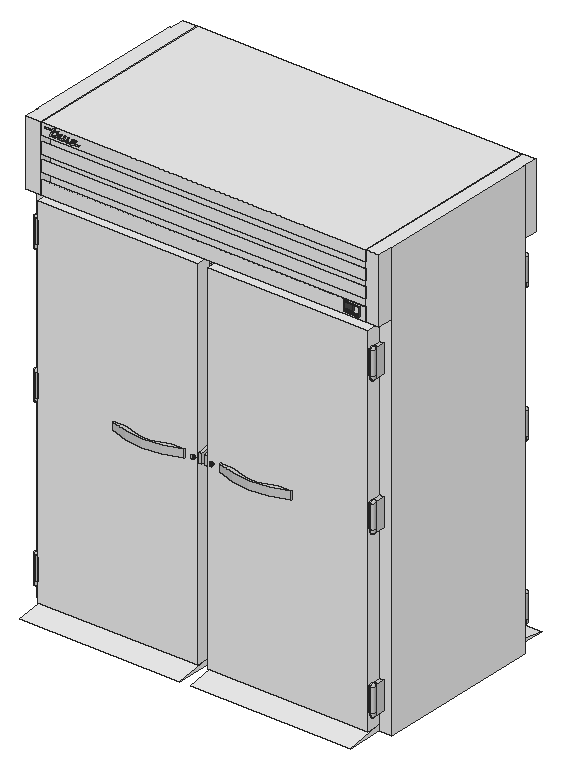
Revit family
Parameters
  Weight in Pounds = 0
  Watts = Volts * FL Amps  # 1092.5 W
  Volts = 115 V
  URL Cutsheet = "www.truemfg.com"
  URL = "www.truemfg.com"
  Type Mark [instance] = ""
  Type Comments = ""
  Status [instance] = ""
  Specification by User [instance] = ""
  Specification by Manufacturer = ""
  Show Logo [instance] = yes
  Show Clearance [instance] = yes
  Serial Number = ""
  Seismic Rating = ""
  SMACNA No = ""
  Revision Code [instance] = ""
  Phase = 1
  Omniclass Number and Title = ""
  Number of Poles [instance] = 1
  NAFEM Spec ID Number = ""
  Model = "STR2RRT-2S-2S"
  Min Ckt Ampacity = 0 A
  Max Overcurrent Protection = 0 A
  Masterspec = ""
  Manufacturer = "TRUE FOOD SERVICE EQUIPMENT, INC."
  Length = 68"
  Item Number [instance] = ""
  Installed By [instance] = ""
  Identify Quantity as Lot [instance] = yes
  Height = 83 3/4"
  HP = "1/2"
  Furnished By [instance] = ""
  Foodservice Equipment Identifier [instance] = yes
  FL Amps = 9.5 A
  Electrical Remarks [instance] = ""
  Electric Connection Type [instance] = ""
  Elec Conn RI Height [instance] = 0"
  Elec Conn Connection Height [instance] = 0"
  Description = "Roll-thru Solid Swing Door Refrigerator"
  Depth = 37 1/2"
  Cycle = 60 Hz
  Conn Plug = "5-15P"
  Conn Conduit = yes
  CSI MasterFormat = ""
  CSI Master Format = ""
  Apparent Power = if(Phase = 3, Volts * FL Amps * 1.73, Volts * FL Amps)  # 1092.5 VA
Reference planes (in)
  plane 1 "BACK": y = 0
  plane 2: z = 0
  plane 3 "LEFT": x = 0
  plane 4 "RIGHT": x = 68
  plane 5 "FRONT": y = -37.5
  plane 6 "TOP": z = 83.75
  plane 7: x = 2.84375
  plane 8: y = -37.4542
  plane 9: x = 34
  plane 10: y = -0.0458
  plane 11: z = 69.90625
Forms (in)
  Extrusion 1, solid, material "QF_Finishes_Chrome - Satin"
    sketch origin (0.05, 0, 0) x (1, 0, 0) y (0, 1, 0)
      loop
        line (-0.05, -2.75) -> (-0.05, -34.75) -> (2.87859, -34.75) -> (2.87859, -2.75) -> (-0.05, -2.75)
    from 0 to 83.75
  Extrusion 2, solid, material "QF_Finishes_Chrome - Satin"
    sketch origin (50.15, 0, 0) x (1, 0, 0) y (0, 1, 0)
      loop
        line (15.15, -2.75) -> (15.15, -34.75) -> (17.85, -34.75) -> (17.85, -2.75) -> (15.15, -2.75)
    from 0 to 83.75
  Extrusion 3, solid, material "QF_Finishes_Chrome - Satin"
    sketch origin (0, 0, 0) x (0, 1, 0) y (0, 0, 1)
      loop
        line (-37.4542, 71.28125) -> (-34.75, 71.28125) -> (-34.75, 68.90625) -> (-2.75, 68.90625) -> (-2.75, 71.28125) -> (-0.0458, 71.28125) -> (-0.0458, 73.94226) -> (-2.25, 72.375) -> (-2.25, 73.65057) -> (-0.0458, 75.21784) -> (-0.0458, 77.31404) -> (-2.25, 75.74678) -> (-2.25, 76.70754) -> (-0.0458, 78.2748) -> (-0.0458, 80.40851) -> (-2.25, 78.84125) -> (-2.25, 79.96352) -> (-0.0458, 81.53078) -> (-0.0458, 83.75) -> (-37.4542, 83.75) -> (-37.4542, 81.53078) -> (-35.25, 79.96352) -> (-35.25, 78.84125) -> (-37.4542, 80.40851) -> (-37.4542, 78.2748) -> (-35.25, 76.70754) -> (-35.25, 75.74678) -> (-37.4542, 77.31404) -> (-37.4542, 75.21784) -> (-35.25, 73.65057) -> (-35.25, 72.375) -> (-37.4542, 73.94226) -> (-37.4542, 71.28125)
      loop
        line (-34.75, 0) -> (-2.75, 0) -> (-2.75, 2) -> (-34.75, 2) -> (-34.75, 0)
    from 2.92859 to 65.3
  Extrusion 4, solid, material "QF_Finishes_Chrome - Satin"
    sketch origin (0, 0, 0) x (1, 0, 0) y (0, 1, 0)
      loop
        line (67.84782, -34.75) -> (65.3, -34.75) -> (65.3, -37.5) -> (67.84782, -37.5) -> (67.84782, -34.75)
      loop
        line (67.84782, -2.75) -> (67.84782, 0) -> (65.3, 0) -> (65.3, -2.75) -> (67.84782, -2.75)
    from 71.28125 to 83.75
  Extrusion 5, solid, material "QF_Finishes_Chrome - Satin"
    sketch origin (-50.125, 0, 0.25) x (1, 0, 0) y (0, 1, 0)
      loop
        line (53.05359, -34.75) -> (50.24109, -34.75) -> (50.24109, -37.5) -> (53.05359, -37.5) -> (53.05359, -34.75)
      loop
        line (53.05359, -2.75) -> (53.05359, 0) -> (50.24109, 0) -> (50.24109, -2.75) -> (53.05359, -2.75)
    from 71.03125 to 83.5
  Extrusion 6, solid, material "QF_Finishes_Handrails and Railings"
    sketch origin (9.34375, -3.83467, -3.5) x (1, 0, 0) y (0, 0, 1)
      loop
        circle (26.4375, 40.0625) r 0.35
      loop
        line (26.47265, 40.33635) -> (26.41715, 40.33635) -> (26.41715, 39.76895) -> (26.47265, 39.76895) -> (26.47265, 40.33635)
    from 33.5 to 33.83066
  Extrusion 7, solid, material "QF_Finishes_Handrails and Railings", visible <- "Show Logo"
    sketch origin (0.33478, -2.68623, 5.13015) x (1, 0, 0) y (0, 0, 1)
      loop
        line (3.46044, 78.08731) -> (3.35478, 77.86073) -> (4.76027, 77.86073)
        arc (4.76027, 77.86073) -> (4.78879, 77.81028) -> (4.76027, 77.75984) r 0.05887
        line (4.76027, 77.75984) -> (4.39369, 76.97372)
        arc (4.39369, 76.97372) -> (4.39051, 76.90091) -> (4.43975, 76.84717) r 0.09523
        line (4.43975, 76.84717) -> (5.33844, 76.84717)
        arc (5.33844, 76.84717) -> (5.45192, 76.88295) -> (5.52436, 76.97735) r 0.19785
        line (5.52436, 76.97735) -> (5.81285, 77.59601) -> (6.0779, 77.59601)
        arc (6.0779, 77.59601) -> (6.14744, 77.57043) -> (6.13737, 77.49703) r 0.05911
        line (6.13737, 77.49703) -> (5.89598, 76.97937)
        arc (5.89598, 76.97937) -> (5.89974, 76.8934) -> (5.97231, 76.84717) r 0.09318
        line (5.97231, 76.84717) -> (6.76198, 76.84717)
        arc (6.76198, 76.84717) -> (6.82249, 76.86919) -> (6.85468, 76.92495) r 0.09412
        arc (6.85468, 76.92495) -> (6.87746, 76.86995) -> (6.93246, 76.84717) r 0.07778
        line (6.93246, 76.84717) -> (7.43246, 76.84717)
        arc (7.43246, 76.84717) -> (7.49022, 76.86265) -> (7.53251, 76.90493) r 0.11552
        arc (7.53251, 76.90493) -> (7.55275, 76.85606) -> (7.60162, 76.83581) r 0.06912
        line (7.60162, 76.83581) -> (8.31225, 76.83581)
        arc (8.31225, 76.83581) -> (8.37034, 76.85988) -> (8.39441, 76.91797) r 0.08216
        arc (8.39441, 76.91797) -> (8.44767, 76.86472) -> (8.52042, 76.84522) r 0.14551
        line (8.52042, 76.84522) -> (9.85158, 76.84522) -> (9.99946, 77.10134) -> (8.65678, 77.10134)
        arc (8.65678, 77.10134) -> (8.61972, 77.12704) -> (8.61834, 77.17211) r 0.05009
        line (8.61834, 77.17211) -> (8.64157, 77.22192)
        arc (8.64157, 77.22192) -> (8.67723, 77.26864) -> (8.73327, 77.28635) r 0.09747
        line (8.73327, 77.28635) -> (9.16485, 77.28635)
        arc (9.16485, 77.28635) -> (9.258, 77.31131) -> (9.32619, 77.3795) r 0.1863
        line (9.32619, 77.3795) -> (9.45119, 77.59601)
        arc (9.45119, 77.59601) -> (9.45119, 77.71157) -> (9.35111, 77.76934) r 0.11556
        line (9.35111, 77.76934) -> (8.89562, 77.76934)
        arc (8.89562, 77.76934) -> (8.7795, 77.74962) -> (8.69849, 77.66412) r 0.18605
        line (8.69849, 77.66412) -> (8.48204, 77.19993)
        arc (8.48204, 77.19993) -> (8.41815, 77.11667) -> (8.31806, 77.08511) r 0.1745
        line (8.31806, 77.08511) -> (7.84559, 77.08511)
        arc (7.84559, 77.08511) -> (7.78903, 77.14684) -> (7.79268, 77.23048) r 0.10939
        line (7.79268, 77.23048) -> (8.04395, 77.76934) -> (7.88403, 77.76934) -> (7.61781, 77.19844)
        arc (7.61781, 77.19844) -> (7.56609, 77.13103) -> (7.48505, 77.10548) r 0.14128
        line (7.48505, 77.10548) -> (7.15925, 77.10548)
        arc (7.15925, 77.10548) -> (7.10419, 77.17723) -> (7.116, 77.26689) r 0.11816
        line (7.116, 77.26689) -> (7.3503, 77.76934) -> (7.18514, 77.76934) -> (6.91546, 77.191)
        arc (6.91546, 77.191) -> (6.85285, 77.12839) -> (6.76733, 77.10548) r 0.17104
        line (6.76733, 77.10548) -> (6.29555, 77.10548)
        arc (6.29555, 77.10548) -> (6.21082, 77.14499) -> (6.20267, 77.23813) r 0.0935
        line (6.20267, 77.23813) -> (6.35774, 77.57069) -> (6.57695, 77.57069)
        arc (6.57695, 77.57069) -> (6.61395, 77.68217) -> (6.69267, 77.76934) r 0.2857
        line (6.69267, 77.76934) -> (5.83605, 77.76934)
        arc (5.83605, 77.76934) -> (5.74086, 77.74824) -> (5.67498, 77.67635) r 0.16212
        line (5.67498, 77.67635) -> (5.44279, 77.17841)
        arc (5.44279, 77.17841) -> (5.3894, 77.12502) -> (5.31647, 77.10548) r 0.14586
        line (5.31647, 77.10548) -> (4.80506, 77.10548)
        arc (4.80506, 77.10548) -> (4.76514, 77.15942) -> (4.77274, 77.22609) r 0.09155
        line (4.77274, 77.22609) -> (5.11018, 77.86073) -> (5.96155, 77.86073) -> (6.06721, 78.08731) -> (5.21584, 78.08731) -> (5.32149, 78.31388) -> (5.01862, 78.31388) -> (4.91297, 78.08731) -> (3.46044, 78.08731)
      loop
        arc (8.83805, 77.56363) -> (8.80119, 77.55375) -> (8.7742, 77.52676) r 0.07373
        line (8.7742, 77.52676) -> (8.75229, 77.45936)
        arc (8.75229, 77.45936) -> (8.76245, 77.43483) -> (8.78699, 77.42466) r 0.0347
        line (8.78699, 77.42466) -> (9.15948, 77.42466)
        arc (9.15948, 77.42466) -> (9.18632, 77.43061) -> (9.20812, 77.44734) r 0.0635
        line (9.20812, 77.44734) -> (9.22624, 77.53122)
        arc (9.22624, 77.53122) -> (9.22091, 77.55368) -> (9.20009, 77.56363) r 0.02676
        line (9.20009, 77.56363) -> (8.83805, 77.56363)
    from 34.76797 to 34.83173
  Extrusion 8, solid, material "QF_Finishes_White"
    sketch origin (-22.74812, -2.7042, -7.90007) x (1, 0, 0) y (0, 0, 1)
      loop
        line (83.81732, 81.35727) -> (83.81732, 79.60996) -> (86.72357, 79.60996) -> (86.72357, 81.35727) -> (83.81732, 81.35727)
    from 34.75 to 34.76797
  Extrusion 9, solid, material "QF_Finishes_Black"
    sketch origin (-22.74812, -2.7042, -7.90007) x (1, 0, 0) y (0, 0, 1)
      loop
        line (86.78607, 81.41977) -> (83.75482, 81.41977) -> (83.75482, 79.54746) -> (86.78607, 79.54746) -> (86.78607, 81.41977)
      loop
        spline (83.95482, 79.87872) -> (83.96333, 79.86254) -> (83.98831, 79.84747) -> (84.02804, 79.83452) -> (84.07982, 79.82459) -> (84.14011, 79.81835) -> (84.20482, 79.81622) -> (84.26952, 79.81835) -> (84.32982, 79.82459) -> (84.38159, 79.83452) -> (84.42132, 79.84747) -> (84.4463, 79.86254) -> (84.45482, 79.87872)
        spline (84.45482, 79.87872) -> (84.4463, 79.89489) -> (84.42132, 79.90997) -> (84.38159, 79.92291) -> (84.32982, 79.93284) -> (84.26952, 79.93909) -> (84.20482, 79.94122) -> (84.14011, 79.93909) -> (84.07982, 79.93284) -> (84.02804, 79.92291) -> (83.98831, 79.90997) -> (83.96333, 79.89489) -> (83.95482, 79.87872)
      loop
        spline (84.65083, 79.87872) -> (84.65935, 79.86254) -> (84.68432, 79.84747) -> (84.72405, 79.83452) -> (84.77583, 79.82459) -> (84.83612, 79.81835) -> (84.90083, 79.81622) -> (84.96553, 79.81835) -> (85.02583, 79.82459) -> (85.07761, 79.83452) -> (85.11734, 79.84747) -> (85.14231, 79.86254) -> (85.15083, 79.87872)
        spline (85.15083, 79.87872) -> (85.14231, 79.89489) -> (85.11734, 79.90997) -> (85.07761, 79.92291) -> (85.02583, 79.93284) -> (84.96553, 79.93909) -> (84.90083, 79.94122) -> (84.83612, 79.93909) -> (84.77583, 79.93284) -> (84.72405, 79.92291) -> (84.68432, 79.90997) -> (84.65935, 79.89489) -> (84.65083, 79.87872)
      loop
        spline (85.40083, 79.87872) -> (85.40935, 79.86254) -> (85.43432, 79.84747) -> (85.47405, 79.83452) -> (85.52583, 79.82459) -> (85.58612, 79.81835) -> (85.65083, 79.81622) -> (85.71553, 79.81835) -> (85.77583, 79.82459) -> (85.82761, 79.83452) -> (85.86734, 79.84747) -> (85.89231, 79.86254) -> (85.90083, 79.87872)
        spline (85.90083, 79.87872) -> (85.89231, 79.89489) -> (85.86734, 79.90997) -> (85.82761, 79.92291) -> (85.77583, 79.93284) -> (85.71553, 79.93909) -> (85.65083, 79.94122) -> (85.58612, 79.93909) -> (85.52583, 79.93284) -> (85.47405, 79.92291) -> (85.43432, 79.90997) -> (85.40935, 79.89489) -> (85.40083, 79.87872)
      loop
        line (83.95481, 81.21978) -> (83.95481, 80.21978) -> (85.65433, 80.21978) -> (85.65433, 81.21978) -> (83.95481, 81.21978)
      loop
        line (86.72357, 81.35727) -> (83.81732, 81.35727) -> (83.81732, 79.60996) -> (86.72357, 79.60996) -> (86.72357, 81.35727)
      loop
        spline (86.15083, 79.87872) -> (86.15935, 79.86254) -> (86.18432, 79.84747) -> (86.22405, 79.83452) -> (86.27583, 79.82459) -> (86.33612, 79.81835) -> (86.40083, 79.81622) -> (86.46553, 79.81835) -> (86.52583, 79.82459) -> (86.57761, 79.83452) -> (86.61734, 79.84747) -> (86.64231, 79.86254) -> (86.65083, 79.87872)
        spline (86.65083, 79.87872) -> (86.64231, 79.89489) -> (86.61734, 79.90997) -> (86.57761, 79.92291) -> (86.52583, 79.93284) -> (86.46553, 79.93909) -> (86.40083, 79.94122) -> (86.33612, 79.93909) -> (86.27583, 79.93284) -> (86.22405, 79.92291) -> (86.18432, 79.90997) -> (86.15935, 79.89489) -> (86.15083, 79.87872)
    from 34.76797 to 34.80335
  Extrusion 10, solid
    sketch origin (-25.125, 0, 0) x (1, 0, 0) y (0, 0, 1)
      loop
        circle (89.875, 81.625) r 0.25
    from 0 to 0.0625
  Blend 11, solid, material "QF_Finishes_Handrails and Railings"
    base sketch origin (60.25, -3.75, -1.5) x (-1, 0, 0) y (0, 0, -1)
      loop
        line (25.25, -38.99169) -> (26, -38.99169) -> (26, -37.24169) -> (25.25, -37.24169) -> (25.25, -38.99169)
    top sketch origin (60.25, 0, -1.5) x (-1, 0, 0) y (0, 0, -1)
      loop
        line (26.18223, -36.6441) -> (25.25, -36.6441) -> (25.25, -39.42643) -> (26.18223, -39.42643) -> (26.18223, -36.6441)
    from 33.57883 to 34.75
  Extrusion 12, solid, material "QF_Finishes_Handrails and Railings"
    sketch origin (66.78125, 0, 2.75) x (0, 1, 0) y (0, 0, -1)
      loop
        line (-34.75, -64.17729) -> (-34.75, -58.86127) -> (-37, -58.86127) -> (-37, -59.57348) -> (-36.56497, -59.57348) -> (-36.56497, -63.97276)
        arc (-36.56497, -63.97276) -> (-36.50506, -64.11738) -> (-36.36044, -64.17729) r 0.20453
        line (-36.36044, -64.17729) -> (-34.75, -64.17729)
    from 0.17506 to 1
  Revolve 13, solid, material "QF_Finishes_Handrails and Railings"
    sketch origin (66.28125, 0, 2.75) x (0, 1, 0) y (0, 0, -1)
      loop
        line (-37.01563, -59.62689) -> (-37.42229, -59.62689) -> (-37.42229, -64.0986)
        arc (-37.42229, -64.0986) -> (-37.28722, -64.35057) -> (-37.01563, -64.43983) r 0.3848
        line (-37.01563, -64.43983) -> (-37.01563, -59.62689)
      loop
        line (-37.01563, -59.57348) -> (-37.01563, -58.67281)
        arc (-37.01563, -58.67281) -> (-37.28264, -58.75883) -> (-37.42229, -59.00212) r 0.38884
        line (-37.42229, -59.00212) -> (-37.42229, -59.57348) -> (-37.01563, -59.57348)
      axis (-37.01563, -58.67281) -> (-37.01563, -64.43983)
    angle from 0 to 360
  Extrusion 14, solid, material "QF_Finishes_Handrails and Railings"
    sketch origin (27.5, -3.82734, 2.7511) x (-1, 0, 0) y (0, 0, -1)
      loop
        line (-38.58509, -64.0986) -> (-38.1875, -64.0986) -> (-38.1875, -59.62579) -> (-38.58509, -59.62579) -> (-38.58509, -64.0986)
    from 32.81497 to 33.59495
  Extrusion 15, solid, material "QF_Finishes_Handrails and Railings"
    sketch origin (66.78125, 0, -24) x (0, 1, 0) y (0, 0, -1)
      loop
        line (-34.75, -64.55229) -> (-34.75, -59.23627) -> (-37, -59.23627) -> (-37, -59.94848) -> (-36.56497, -59.94848) -> (-36.56497, -64.34776)
        arc (-36.56497, -64.34776) -> (-36.50506, -64.49238) -> (-36.36044, -64.55229) r 0.20453
        line (-36.36044, -64.55229) -> (-34.75, -64.55229)
    from 0.17506 to 1
  Revolve 16, solid, material "QF_Finishes_Handrails and Railings"
    sketch origin (66.28125, 0, -24) x (0, 1, 0) y (0, 0, -1)
      loop
        line (-37.01563, -60.00189) -> (-37.42229, -60.00189) -> (-37.42229, -64.4736)
        arc (-37.42229, -64.4736) -> (-37.28722, -64.72557) -> (-37.01563, -64.81483) r 0.3848
        line (-37.01563, -64.81483) -> (-37.01563, -60.00189)
      loop
        line (-37.01563, -59.94848) -> (-37.01563, -59.04781)
        arc (-37.01563, -59.04781) -> (-37.28264, -59.13383) -> (-37.42229, -59.37712) r 0.38884
        line (-37.42229, -59.37712) -> (-37.42229, -59.94848) -> (-37.01563, -59.94848)
      axis (-37.01563, -59.04781) -> (-37.01563, -64.81483)
    angle from 0 to 360
  Extrusion 17, solid, material "QF_Finishes_Handrails and Railings"
    sketch origin (27.5, -3.82734, -23.9989) x (-1, 0, 0) y (0, 0, -1)
      loop
        line (-38.58509, -64.4736) -> (-38.1875, -64.4736) -> (-38.1875, -60.00079) -> (-38.58509, -60.00079) -> (-38.58509, -64.4736)
    from 32.81497 to 33.59495
  Extrusion 18, solid, material "QF_Finishes_Handrails and Railings"
    sketch origin (66.78125, 0, -55.5) x (0, 1, 0) y (0, 0, -1)
      loop
        line (-34.75, -64.55229) -> (-34.75, -59.23627) -> (-37, -59.23627) -> (-37, -59.94848) -> (-36.56497, -59.94848) -> (-36.56497, -64.34776)
        arc (-36.56497, -64.34776) -> (-36.50506, -64.49238) -> (-36.36044, -64.55229) r 0.20453
        line (-36.36044, -64.55229) -> (-34.75, -64.55229)
    from 0.17506 to 1
  Revolve 19, solid, material "QF_Finishes_Handrails and Railings"
    sketch origin (66.28125, 0, -55.5) x (0, 1, 0) y (0, 0, -1)
      loop
        line (-37.01563, -60.00189) -> (-37.42229, -60.00189) -> (-37.42229, -64.4736)
        arc (-37.42229, -64.4736) -> (-37.28722, -64.72557) -> (-37.01563, -64.81483) r 0.3848
        line (-37.01563, -64.81483) -> (-37.01563, -60.00189)
      loop
        line (-37.01563, -59.94848) -> (-37.01563, -59.04781)
        arc (-37.01563, -59.04781) -> (-37.28264, -59.13383) -> (-37.42229, -59.37712) r 0.38884
        line (-37.42229, -59.37712) -> (-37.42229, -59.94848) -> (-37.01563, -59.94848)
      axis (-37.01563, -59.04781) -> (-37.01563, -64.81483)
    angle from 0 to 360
  Extrusion 20, solid, material "QF_Finishes_Handrails and Railings"
    sketch origin (27.5, -3.82734, -55.4989) x (-1, 0, 0) y (0, 0, -1)
      loop
        line (-38.58509, -64.4736) -> (-38.1875, -64.4736) -> (-38.1875, -60.00079) -> (-38.58509, -60.00079) -> (-38.58509, -64.4736)
    from 32.81497 to 33.59495
  Extrusion 21, solid, material "QF_Finishes_Chrome - Satin"
    sketch origin (65.6875, -3.75, 8.03125) x (0, 0, 1) y (0, -1, 0)
      loop
        line (-8.03125, 37.875) -> (-8.03125, 31) -> (-7.03125, 31) -> (-8.03125, 37.875)
    from 0 to -30.6875
  Extrusion 22, solid, material "QF_Finishes_Chrome - Satin"
    sketch origin (59.96875, -3.75, -0.71875) x (-1, 0, 0) y (0, 0, -1)
      loop
        line (26.96875, -1.71875) -> (26.96875, -70.625) -> (57.65625, -70.625) -> (57.65625, -1.71875) -> (26.96875, -1.71875)
      loop
        line (24.96875, -1.71875) -> (-5.71875, -1.71875) -> (-5.71875, -70.625) -> (24.96875, -70.625) -> (24.96875, -1.71875)
    from 31 to 33.75
  Extrusion 23, solid, material "QF_Finishes_Handrails and Railings"
    sketch origin (58.65625, -3.83467, -3.5) x (-1, 0, 0) y (0, 0, -1)
      loop
        circle (26.4375, -40.0625) r 0.35
      loop
        line (26.47265, -40.33635) -> (26.47265, -39.76895) -> (26.41715, -39.76895) -> (26.41715, -40.33635) -> (26.47265, -40.33635)
    from 33.5 to 33.83066
  Blend 24, solid, material "QF_Finishes_Handrails and Railings"
    base sketch origin (7.75, -3.75, -1.5) x (1, 0, 0) y (0, 0, 1)
      loop
        line (25.25, 38.99169) -> (25.25, 37.24169) -> (26, 37.24169) -> (26, 38.99169) -> (25.25, 38.99169)
    top sketch origin (7.75, 0, -1.5) x (1, 0, 0) y (0, 0, 1)
      loop
        line (26.18223, 36.6441) -> (26.18223, 39.42643) -> (25.25, 39.42643) -> (25.25, 36.6441) -> (26.18223, 36.6441)
    from 33.57883 to 34.75
  Extrusion 25, solid, material "QF_Finishes_Handrails and Railings"
    sketch origin (1.21875, 0, 2.75) x (0, 1, 0) y (0, 0, 1)
      loop
        line (-34.75, 64.17729) -> (-36.36044, 64.17729)
        arc (-36.36044, 64.17729) -> (-36.50506, 64.11738) -> (-36.56497, 63.97276) r 0.20453
        line (-36.56497, 63.97276) -> (-36.56497, 59.57348) -> (-37, 59.57348) -> (-37, 58.86127) -> (-34.75, 58.86127) -> (-34.75, 64.17729)
    from 0.17506 to 1
  Revolve 26, solid, material "QF_Finishes_Handrails and Railings"
    sketch origin (1.71875, 0, 2.75) x (0, 1, 0) y (0, 0, 1)
      loop
        line (-37.01563, 59.62689) -> (-37.01563, 64.43983)
        arc (-37.01563, 64.43983) -> (-37.28722, 64.35057) -> (-37.42229, 64.0986) r 0.3848
        line (-37.42229, 64.0986) -> (-37.42229, 59.62689) -> (-37.01563, 59.62689)
      loop
        line (-37.01563, 59.57348) -> (-37.42229, 59.57348) -> (-37.42229, 59.00212)
        arc (-37.42229, 59.00212) -> (-37.28264, 58.75883) -> (-37.01563, 58.67281) r 0.38884
        line (-37.01563, 58.67281) -> (-37.01563, 59.57348)
      axis (-37.01563, 58.67281) -> (-37.01563, 64.43983)
    angle from 0 to 360
  Extrusion 27, solid, material "QF_Finishes_Handrails and Railings"
    sketch origin (40.5, -3.82734, 2.7511) x (1, 0, 0) y (0, 0, 1)
      loop
        line (-38.58509, 64.0986) -> (-38.58509, 59.62579) -> (-38.1875, 59.62579) -> (-38.1875, 64.0986) -> (-38.58509, 64.0986)
    from 32.81497 to 33.59495
  Extrusion 28, solid, material "QF_Finishes_Handrails and Railings"
    sketch origin (1.21875, 0, -24) x (0, 1, 0) y (0, 0, 1)
      loop
        line (-34.75, 64.55229) -> (-36.36044, 64.55229)
        arc (-36.36044, 64.55229) -> (-36.50506, 64.49238) -> (-36.56497, 64.34776) r 0.20453
        line (-36.56497, 64.34776) -> (-36.56497, 59.94848) -> (-37, 59.94848) -> (-37, 59.23627) -> (-34.75, 59.23627) -> (-34.75, 64.55229)
    from 0.17506 to 1
  Revolve 29, solid, material "QF_Finishes_Handrails and Railings"
    sketch origin (1.71875, 0, -24) x (0, 1, 0) y (0, 0, 1)
      loop
        line (-37.01563, 60.00189) -> (-37.01563, 64.81483)
        arc (-37.01563, 64.81483) -> (-37.28722, 64.72557) -> (-37.42229, 64.4736) r 0.3848
        line (-37.42229, 64.4736) -> (-37.42229, 60.00189) -> (-37.01563, 60.00189)
      loop
        line (-37.01563, 59.94848) -> (-37.42229, 59.94848) -> (-37.42229, 59.37712)
        arc (-37.42229, 59.37712) -> (-37.28264, 59.13383) -> (-37.01563, 59.04781) r 0.38884
        line (-37.01563, 59.04781) -> (-37.01563, 59.94848)
      axis (-37.01563, 59.04781) -> (-37.01563, 64.81483)
    angle from 0 to 360
  Extrusion 30, solid, material "QF_Finishes_Handrails and Railings"
    sketch origin (40.5, -3.82734, -23.9989) x (1, 0, 0) y (0, 0, 1)
      loop
        line (-38.58509, 64.4736) -> (-38.58509, 60.00079) -> (-38.1875, 60.00079) -> (-38.1875, 64.4736) -> (-38.58509, 64.4736)
    from 32.81497 to 33.59495
  Extrusion 31, solid, material "QF_Finishes_Handrails and Railings"
    sketch origin (1.21875, 0, -55.5) x (0, 1, 0) y (0, 0, 1)
      loop
        line (-34.75, 64.55229) -> (-36.36044, 64.55229)
        arc (-36.36044, 64.55229) -> (-36.50506, 64.49238) -> (-36.56497, 64.34776) r 0.20453
        line (-36.56497, 64.34776) -> (-36.56497, 59.94848) -> (-37, 59.94848) -> (-37, 59.23627) -> (-34.75, 59.23627) -> (-34.75, 64.55229)
    from 0.17506 to 1
  Revolve 32, solid, material "QF_Finishes_Handrails and Railings"
    sketch origin (1.71875, 0, -55.5) x (0, 1, 0) y (0, 0, 1)
      loop
        line (-37.01563, 60.00189) -> (-37.01563, 64.81483)
        arc (-37.01563, 64.81483) -> (-37.28722, 64.72557) -> (-37.42229, 64.4736) r 0.3848
        line (-37.42229, 64.4736) -> (-37.42229, 60.00189) -> (-37.01563, 60.00189)
      loop
        line (-37.01563, 59.94848) -> (-37.42229, 59.94848) -> (-37.42229, 59.37712)
        arc (-37.42229, 59.37712) -> (-37.28264, 59.13383) -> (-37.01563, 59.04781) r 0.38884
        line (-37.01563, 59.04781) -> (-37.01563, 59.94848)
      axis (-37.01563, 59.04781) -> (-37.01563, 64.81483)
    angle from 0 to 360
  Extrusion 33, solid, material "QF_Finishes_Handrails and Railings"
    sketch origin (40.5, -3.82734, -55.4989) x (1, 0, 0) y (0, 0, 1)
      loop
        line (-38.58509, 64.4736) -> (-38.58509, 60.00079) -> (-38.1875, 60.00079) -> (-38.1875, 64.4736) -> (-38.58509, 64.4736)
    from 32.81497 to 33.59495
  Extrusion 34, solid, material "QF_Finishes_Chrome - Satin"
    sketch origin (2.3125, -3.75, 8.03125) x (0, 0, 1) y (0, 1, 0)
      loop
        line (-8.03125, -37.875) -> (-7.03125, -31) -> (-8.03125, -31) -> (-8.03125, -37.875)
    from 0 to -30.6875
  Extrusion 35, solid, material "QF_Finishes_Door Clearance", visible <- "Show Clearance", detail levels coarse
    sketch origin (32.71875, -3.75, 1) x (0, 1, 0) y (1, 0, 0)
      loop
        line (-33.75, -30.40625) -> (-33.75, 0.28125)
        arc (-33.75, 0.28125) -> (-55.44934, -8.70691) -> (-64.4375, -30.40625) r 30.6875
        line (-64.4375, -30.40625) -> (-33.75, -30.40625)
      loop
        line (-33.75, 32.96875) -> (-64.4375, 32.96875)
        arc (-64.4375, 32.96875) -> (-55.44934, 11.26941) -> (-33.75, 2.28125) r 30.6875
        line (-33.75, 2.28125) -> (-33.75, 32.96875)
    from 0 to -68.90625
  Extrusion 36, solid, material "QF_Finishes_Chrome - Satin"
    sketch origin (8.03125, -33.75, -0.71875) x (1, 0, 0) y (0, 0, -1)
      loop
        line (26.96875, -1.71875) -> (26.96875, -70.625) -> (57.65625, -70.625) -> (57.65625, -1.71875) -> (26.96875, -1.71875)
    from 31 to 33.75
  Extrusion 37, solid, material "QF_Finishes_Handrails and Railings"
    sketch origin (91.34375, -37.25, 24.93519) x (-1, 0, 0) y (0, -1, 0)
      loop
        line (53.875, -37.25) -> (51.475, -37.25)
        arc (51.475, -37.25) -> (47.075, -38.40816) -> (42.675, -37.25) r 8.93715
        line (42.675, -37.25) -> (40.275, -37.25) -> (40.275, -37.45)
        arc (40.275, -37.45) -> (47.075, -38.89405) -> (53.875, -37.45) r 16.7325
        line (53.875, -37.45) -> (53.875, -37.25)
    from 10.87731 to 12.37731
  Extrusion 38, solid, material "QF_Finishes_Handrails and Railings"
    sketch origin (9.34375, -33.66533, -3.5) x (1, 0, 0) y (0, 0, -1)
      loop
        circle (26.4375, -40.0625) r 0.35
      loop
        line (26.47265, -40.33635) -> (26.47265, -39.76895) -> (26.41715, -39.76895) -> (26.41715, -40.33635) -> (26.47265, -40.33635)
    from 33.5 to 33.83066
  Blend 39, solid, material "QF_Finishes_Handrails and Railings"
    base sketch origin (60.25, -33.75, -1.5) x (-1, 0, 0) y (0, 0, 1)
      loop
        line (25.25, 38.99169) -> (25.25, 37.24169) -> (26, 37.24169) -> (26, 38.99169) -> (25.25, 38.99169)
    top sketch origin (60.25, -37.5, -1.5) x (-1, 0, 0) y (0, 0, 1)
      loop
        line (26.18223, 36.6441) -> (26.18223, 39.42643) -> (25.25, 39.42643) -> (25.25, 36.6441) -> (26.18223, 36.6441)
    from 33.57883 to 34.75
  Extrusion 40, solid, material "QF_Finishes_Handrails and Railings"
    sketch origin (66.78125, -37.5, 2.75) x (0, -1, 0) y (0, 0, 1)
      loop
        line (-34.75, 64.17729) -> (-36.36044, 64.17729)
        arc (-36.36044, 64.17729) -> (-36.50506, 64.11738) -> (-36.56497, 63.97276) r 0.20453
        line (-36.56497, 63.97276) -> (-36.56497, 59.57348) -> (-37, 59.57348) -> (-37, 58.86127) -> (-34.75, 58.86127) -> (-34.75, 64.17729)
    from 0.17506 to 1
  Revolve 41, solid, material "QF_Finishes_Handrails and Railings"
    sketch origin (66.28125, -37.5, 2.75) x (0, -1, 0) y (0, 0, 1)
      loop
        line (-37.01563, 59.62689) -> (-37.01563, 64.43983)
        arc (-37.01563, 64.43983) -> (-37.28722, 64.35057) -> (-37.42229, 64.0986) r 0.3848
        line (-37.42229, 64.0986) -> (-37.42229, 59.62689) -> (-37.01563, 59.62689)
      loop
        line (-37.01563, 59.57348) -> (-37.42229, 59.57348) -> (-37.42229, 59.00212)
        arc (-37.42229, 59.00212) -> (-37.28264, 58.75883) -> (-37.01563, 58.67281) r 0.38884
        line (-37.01563, 58.67281) -> (-37.01563, 59.57348)
      axis (-37.01563, 58.67281) -> (-37.01563, 64.43983)
    angle from 0 to 360
  Extrusion 42, solid, material "QF_Finishes_Handrails and Railings"
    sketch origin (27.5, -33.67266, 2.7511) x (-1, 0, 0) y (0, 0, 1)
      loop
        line (-38.58509, 64.0986) -> (-38.58509, 59.62579) -> (-38.1875, 59.62579) -> (-38.1875, 64.0986) -> (-38.58509, 64.0986)
    from 32.81497 to 33.59495
  Extrusion 43, solid, material "QF_Finishes_Handrails and Railings"
    sketch origin (66.78125, -37.5, -24) x (0, -1, 0) y (0, 0, 1)
      loop
        line (-34.75, 64.55229) -> (-36.36044, 64.55229)
        arc (-36.36044, 64.55229) -> (-36.50506, 64.49238) -> (-36.56497, 64.34776) r 0.20453
        line (-36.56497, 64.34776) -> (-36.56497, 59.94848) -> (-37, 59.94848) -> (-37, 59.23627) -> (-34.75, 59.23627) -> (-34.75, 64.55229)
    from 0.17506 to 1
  Revolve 44, solid, material "QF_Finishes_Handrails and Railings"
    sketch origin (66.28125, -37.5, -24) x (0, -1, 0) y (0, 0, 1)
      loop
        line (-37.01563, 60.00189) -> (-37.01563, 64.81483)
        arc (-37.01563, 64.81483) -> (-37.28722, 64.72557) -> (-37.42229, 64.4736) r 0.3848
        line (-37.42229, 64.4736) -> (-37.42229, 60.00189) -> (-37.01563, 60.00189)
      loop
        line (-37.01563, 59.94848) -> (-37.42229, 59.94848) -> (-37.42229, 59.37712)
        arc (-37.42229, 59.37712) -> (-37.28264, 59.13383) -> (-37.01563, 59.04781) r 0.38884
        line (-37.01563, 59.04781) -> (-37.01563, 59.94848)
      axis (-37.01563, 59.04781) -> (-37.01563, 64.81483)
    angle from 0 to 360
  Extrusion 45, solid, material "QF_Finishes_Handrails and Railings"
    sketch origin (27.5, -33.67266, -23.9989) x (-1, 0, 0) y (0, 0, 1)
      loop
        line (-38.58509, 64.4736) -> (-38.58509, 60.00079) -> (-38.1875, 60.00079) -> (-38.1875, 64.4736) -> (-38.58509, 64.4736)
    from 32.81497 to 33.59495
  Extrusion 46, solid, material "QF_Finishes_Handrails and Railings"
    sketch origin (66.78125, -37.5, -55.5) x (0, -1, 0) y (0, 0, 1)
      loop
        line (-34.75, 64.55229) -> (-36.36044, 64.55229)
        arc (-36.36044, 64.55229) -> (-36.50506, 64.49238) -> (-36.56497, 64.34776) r 0.20453
        line (-36.56497, 64.34776) -> (-36.56497, 59.94848) -> (-37, 59.94848) -> (-37, 59.23627) -> (-34.75, 59.23627) -> (-34.75, 64.55229)
    from 0.17506 to 1
  Revolve 47, solid, material "QF_Finishes_Handrails and Railings"
    sketch origin (66.28125, -37.5, -55.5) x (0, -1, 0) y (0, 0, 1)
      loop
        line (-37.01563, 60.00189) -> (-37.01563, 64.81483)
        arc (-37.01563, 64.81483) -> (-37.28722, 64.72557) -> (-37.42229, 64.4736) r 0.3848
        line (-37.42229, 64.4736) -> (-37.42229, 60.00189) -> (-37.01563, 60.00189)
      loop
        line (-37.01563, 59.94848) -> (-37.42229, 59.94848) -> (-37.42229, 59.37712)
        arc (-37.42229, 59.37712) -> (-37.28264, 59.13383) -> (-37.01563, 59.04781) r 0.38884
        line (-37.01563, 59.04781) -> (-37.01563, 59.94848)
      axis (-37.01563, 59.04781) -> (-37.01563, 64.81483)
    angle from 0 to 360
  Extrusion 48, solid, material "QF_Finishes_Handrails and Railings"
    sketch origin (27.5, -33.67266, -55.4989) x (-1, 0, 0) y (0, 0, 1)
      loop
        line (-38.58509, 64.4736) -> (-38.58509, 60.00079) -> (-38.1875, 60.00079) -> (-38.1875, 64.4736) -> (-38.58509, 64.4736)
    from 32.81497 to 33.59495
  Extrusion 49, solid, material "QF_Finishes_Chrome - Satin"
    sketch origin (65.6875, -33.75, 8.03125) x (0, 0, 1) y (0, -1, 0)
      loop
        line (-8.03125, -37.875) -> (-7.03125, -31) -> (-8.03125, -31) -> (-8.03125, -37.875)
    from 0 to -30.6875
  Extrusion 50, solid, material "QF_Finishes_Chrome - Satin"
    sketch origin (59.96875, -33.75, -0.71875) x (-1, 0, 0) y (0, 0, 1)
      loop
        line (26.96875, 1.71875) -> (57.65625, 1.71875) -> (57.65625, 70.625) -> (26.96875, 70.625) -> (26.96875, 1.71875)
    from 31 to 33.75
  Extrusion 51, solid, material "QF_Finishes_Handrails and Railings"
    sketch origin (-23.34375, -37.25, 24.93519) x (-1, 0, 0) y (0, -1, 0)
      loop
        line (-53.875, -37.25) -> (-53.875, -37.45)
        arc (-53.875, -37.45) -> (-47.075, -38.89405) -> (-40.275, -37.45) r 16.7325
        line (-40.275, -37.45) -> (-40.275, -37.25) -> (-42.675, -37.25)
        arc (-42.675, -37.25) -> (-47.075, -38.40816) -> (-51.475, -37.25) r 8.93715
        line (-51.475, -37.25) -> (-53.875, -37.25)
    from 10.87731 to 12.37731
  Extrusion 52, solid, material "QF_Finishes_Handrails and Railings"
    sketch origin (58.65625, -33.66533, -3.5) x (-1, 0, 0) y (0, 0, 1)
      loop
        circle (26.4375, 40.0625) r 0.35
      loop
        line (26.47265, 40.33635) -> (26.41715, 40.33635) -> (26.41715, 39.76895) -> (26.47265, 39.76895) -> (26.47265, 40.33635)
    from 33.5 to 33.83066
  Blend 53, solid, material "QF_Finishes_Handrails and Railings"
    base sketch origin (7.75, -33.75, -1.5) x (1, 0, 0) y (0, 0, -1)
      loop
        line (25.25, -38.99169) -> (26, -38.99169) -> (26, -37.24169) -> (25.25, -37.24169) -> (25.25, -38.99169)
    top sketch origin (7.75, -37.5, -1.5) x (1, 0, 0) y (0, 0, -1)
      loop
        line (26.18223, -36.6441) -> (25.25, -36.6441) -> (25.25, -39.42643) -> (26.18223, -39.42643) -> (26.18223, -36.6441)
    from 33.57883 to 34.75
  Extrusion 54, solid, material "QF_Finishes_Handrails and Railings"
    sketch origin (1.21875, -37.5, 2.75) x (0, -1, 0) y (0, 0, -1)
      loop
        line (-34.75, -64.17729) -> (-34.75, -58.86127) -> (-37, -58.86127) -> (-37, -59.57348) -> (-36.56497, -59.57348) -> (-36.56497, -63.97276)
        arc (-36.56497, -63.97276) -> (-36.50506, -64.11738) -> (-36.36044, -64.17729) r 0.20453
        line (-36.36044, -64.17729) -> (-34.75, -64.17729)
    from 0.17506 to 1
  Revolve 55, solid, material "QF_Finishes_Handrails and Railings"
    sketch origin (1.71875, -37.5, 2.75) x (0, -1, 0) y (0, 0, -1)
      loop
        line (-37.01563, -59.62689) -> (-37.42229, -59.62689) -> (-37.42229, -64.0986)
        arc (-37.42229, -64.0986) -> (-37.28722, -64.35057) -> (-37.01563, -64.43983) r 0.3848
        line (-37.01563, -64.43983) -> (-37.01563, -59.62689)
      loop
        line (-37.01563, -59.57348) -> (-37.01563, -58.67281)
        arc (-37.01563, -58.67281) -> (-37.28264, -58.75883) -> (-37.42229, -59.00212) r 0.38884
        line (-37.42229, -59.00212) -> (-37.42229, -59.57348) -> (-37.01563, -59.57348)
      axis (-37.01563, -58.67281) -> (-37.01563, -64.43983)
    angle from 0 to 360
  Extrusion 56, solid, material "QF_Finishes_Handrails and Railings"
    sketch origin (40.5, -33.67266, 2.7511) x (1, 0, 0) y (0, 0, -1)
      loop
        line (-38.58509, -64.0986) -> (-38.1875, -64.0986) -> (-38.1875, -59.62579) -> (-38.58509, -59.62579) -> (-38.58509, -64.0986)
    from 32.81497 to 33.59495
  Extrusion 57, solid, material "QF_Finishes_Handrails and Railings"
    sketch origin (1.21875, -37.5, -24) x (0, -1, 0) y (0, 0, -1)
      loop
        line (-34.75, -64.55229) -> (-34.75, -59.23627) -> (-37, -59.23627) -> (-37, -59.94848) -> (-36.56497, -59.94848) -> (-36.56497, -64.34776)
        arc (-36.56497, -64.34776) -> (-36.50506, -64.49238) -> (-36.36044, -64.55229) r 0.20453
        line (-36.36044, -64.55229) -> (-34.75, -64.55229)
    from 0.17506 to 1
  Revolve 58, solid, material "QF_Finishes_Handrails and Railings"
    sketch origin (1.71875, -37.5, -24) x (0, -1, 0) y (0, 0, -1)
      loop
        line (-37.01563, -60.00189) -> (-37.42229, -60.00189) -> (-37.42229, -64.4736)
        arc (-37.42229, -64.4736) -> (-37.28722, -64.72557) -> (-37.01563, -64.81483) r 0.3848
        line (-37.01563, -64.81483) -> (-37.01563, -60.00189)
      loop
        line (-37.01563, -59.94848) -> (-37.01563, -59.04781)
        arc (-37.01563, -59.04781) -> (-37.28264, -59.13383) -> (-37.42229, -59.37712) r 0.38884
        line (-37.42229, -59.37712) -> (-37.42229, -59.94848) -> (-37.01563, -59.94848)
      axis (-37.01563, -59.04781) -> (-37.01563, -64.81483)
    angle from 0 to 360
  Extrusion 59, solid, material "QF_Finishes_Handrails and Railings"
    sketch origin (40.5, -33.67266, -23.9989) x (1, 0, 0) y (0, 0, -1)
      loop
        line (-38.58509, -64.4736) -> (-38.1875, -64.4736) -> (-38.1875, -60.00079) -> (-38.58509, -60.00079) -> (-38.58509, -64.4736)
    from 32.81497 to 33.59495
  Extrusion 60, solid, material "QF_Finishes_Handrails and Railings"
    sketch origin (1.21875, -37.5, -55.5) x (0, -1, 0) y (0, 0, -1)
      loop
        line (-34.75, -64.55229) -> (-34.75, -59.23627) -> (-37, -59.23627) -> (-37, -59.94848) -> (-36.56497, -59.94848) -> (-36.56497, -64.34776)
        arc (-36.56497, -64.34776) -> (-36.50506, -64.49238) -> (-36.36044, -64.55229) r 0.20453
        line (-36.36044, -64.55229) -> (-34.75, -64.55229)
    from 0.17506 to 1
  Revolve 61, solid, material "QF_Finishes_Handrails and Railings"
    sketch origin (1.71875, -37.5, -55.5) x (0, -1, 0) y (0, 0, -1)
      loop
        line (-37.01563, -60.00189) -> (-37.42229, -60.00189) -> (-37.42229, -64.4736)
        arc (-37.42229, -64.4736) -> (-37.28722, -64.72557) -> (-37.01563, -64.81483) r 0.3848
        line (-37.01563, -64.81483) -> (-37.01563, -60.00189)
      loop
        line (-37.01563, -59.94848) -> (-37.01563, -59.04781)
        arc (-37.01563, -59.04781) -> (-37.28264, -59.13383) -> (-37.42229, -59.37712) r 0.38884
        line (-37.42229, -59.37712) -> (-37.42229, -59.94848) -> (-37.01563, -59.94848)
      axis (-37.01563, -59.04781) -> (-37.01563, -64.81483)
    angle from 0 to 360
  Extrusion 62, solid, material "QF_Finishes_Handrails and Railings"
    sketch origin (40.5, -33.67266, -55.4989) x (1, 0, 0) y (0, 0, -1)
      loop
        line (-38.58509, -64.4736) -> (-38.1875, -64.4736) -> (-38.1875, -60.00079) -> (-38.58509, -60.00079) -> (-38.58509, -64.4736)
    from 32.81497 to 33.59495
  Extrusion 63, solid, material "QF_Finishes_Chrome - Satin"
    sketch origin (2.3125, -33.75, 8.03125) x (0, 0, 1) y (0, 1, 0)
      loop
        line (-8.03125, 37.875) -> (-8.03125, 31) -> (-7.03125, 31) -> (-8.03125, 37.875)
    from 0 to -30.6875
  Extrusion 64, solid, material "QF_Finishes_Door Clearance", visible <- "Show Clearance", detail levels coarse
    sketch origin (32.71875, -33.75, 1) x (0, 1, 0) y (1, 0, 0)
      loop
        line (33.75, -30.40625) -> (64.4375, -30.40625)
        arc (64.4375, -30.40625) -> (55.44934, -8.70691) -> (33.75, 0.28125) r 30.6875
        line (33.75, 0.28125) -> (33.75, -30.40625)
      loop
        line (33.75, 32.96875) -> (33.75, 2.28125)
        arc (33.75, 2.28125) -> (55.44934, 11.26941) -> (64.4375, 32.96875) r 30.6875
        line (64.4375, 32.96875) -> (33.75, 32.96875)
    from 0 to -68.90625
  Extrusion 65, solid, material "QF_Finishes_Chrome - Satin"
    sketch origin (0, -37.5, 2) x (0, 1, 0) y (-1, 0, 0)
      loop
        line (3.75, -32) -> (2.75, -32) -> (2.75, -36) -> (3.75, -36) -> (3.75, -32)
      loop
        line (33.75, -32) -> (33.75, -36) -> (34.75, -36) -> (34.75, -32) -> (33.75, -32)
    from 0 to 66.90625
  Extrusion 66, solid, material "QF_Finishes_Handrails and Railings"
    sketch origin (91.34375, -0.25, 24.93519) x (1, 0, 0) y (0, 1, 0)
      loop
        line (-53.875, -37.25) -> (-53.875, -37.45)
        arc (-53.875, -37.45) -> (-47.075, -38.89405) -> (-40.275, -37.45) r 16.7325
        line (-40.275, -37.45) -> (-40.275, -37.25) -> (-42.675, -37.25)
        arc (-42.675, -37.25) -> (-47.075, -38.40816) -> (-51.475, -37.25) r 8.93715
        line (-51.475, -37.25) -> (-53.875, -37.25)
    from 10.87731 to 12.37731
  Extrusion 67, solid, material "QF_Finishes_Handrails and Railings"
    sketch origin (-23.34375, -0.25, 24.93519) x (1, 0, 0) y (0, 1, 0)
      loop
        line (53.875, -37.25) -> (51.475, -37.25)
        arc (51.475, -37.25) -> (47.075, -38.40816) -> (42.675, -37.25) r 8.93715
        line (42.675, -37.25) -> (40.275, -37.25) -> (40.275, -37.45)
        arc (40.275, -37.45) -> (47.075, -38.89405) -> (53.875, -37.45) r 16.7325
        line (53.875, -37.45) -> (53.875, -37.25)
    from 10.87731 to 12.37731
Cuts and joins
  joined: Extrusion 1, Extrusion 2, Extrusion 4, Extrusion 5
Lines and regions (in)
  symbolic lines
    curve 1: line (0, 0, 0) -> (68, 0, 0)
    curve 2: line (0, -37.5, 0) -> (0, 0, 0)
    curve 3: line (68, -37.5, 0) -> (0, -37.5, 0)
    curve 4: line (68, 0, 0) -> (68, -37.5, 0)
    curve 5: line (68, -35.25, 0) -> (0, -35.25, 0)
    curve 10: arc (28.13125, 0, 0) -> (23.73125, 1.15816, 0) -> (19.33125, 0, 0) r 8.93715
    curve 11: arc (16.93125, 0.2, 0) -> (23.73125, 1.64405, 0) -> (30.53125, 0.2, 0) r 16.7325
    curve 12: line (16.93125, 0, 0) -> (16.93125, 0.2, 0)
    curve 13: line (30.53125, 0.2, 0) -> (30.53125, 0, 0)
    curve 14: arc (48.66875, 0, 0) -> (44.26875, 1.15816, 0) -> (39.86875, 0, 0) r 8.93715
    curve 15: arc (37.46875, 0.2, 0) -> (44.26875, 1.64405, 0) -> (51.06875, 0.2, 0) r 16.7325
    curve 16: line (37.46875, 0, 0) -> (37.46875, 0.2, 0)
    curve 17: line (51.06875, 0.2, 0) -> (51.06875, 0, 0)
    curve 22: line (68, -2.25, 0) -> (0, -2.25, 0)
    curve 23: arc (28.13125, -37.5, 0) -> (23.73125, -38.65816, 0) -> (19.33125, -37.5, 0) r 8.93715
    curve 24: arc (16.93125, -37.7, 0) -> (23.73125, -39.14405, 0) -> (30.53125, -37.7, 0) r 16.7325
    curve 25: line (16.93125, -37.5, 0) -> (16.93125, -37.7, 0)
    curve 26: line (30.53125, -37.7, 0) -> (30.53125, -37.5, 0)
    curve 27: arc (48.66875, -37.5, 0) -> (44.26875, -38.65816, 0) -> (39.86875, -37.5, 0) r 8.93715
    curve 28: arc (37.46875, -37.7, 0) -> (44.26875, -39.14405, 0) -> (51.06875, -37.7, 0) r 16.7325
    curve 29: line (37.46875, -37.5, 0) -> (37.46875, -37.7, 0)
    curve 30: line (51.06875, -37.7, 0) -> (51.06875, -37.5, 0)
  symbolic lines, style "QF_Door Swings", visible <- "Show Clearance", detail levels coarse
    curve 6: line (2.3125, -37.5, 0) -> (2.3125, -68.1875, 0)
    curve 7: arc (33, -37.5, 0) -> (24.01184, -59.19934, 0) -> (2.3125, -68.1875, 0) r 30.6875
    curve 8: arc (65.6875, -68.1875, 0) -> (43.98816, -59.19934, 0) -> (35, -37.5, 0) r 30.6875
    curve 9: line (65.6875, -68.1875, 0) -> (65.6875, -37.5, 0)
    curve 18: line (2.3125, 0, 0) -> (2.3125, 30.6875, 0)
    curve 19: arc (33, 0, 0) -> (24.01184, 21.69934, 0) -> (2.3125, 30.6875, 0) r 30.6875
    curve 20: arc (65.6875, 30.6875, 0) -> (43.98816, 21.69934, 0) -> (35, 0, 0) r 30.6875
    curve 21: line (65.6875, 30.6875, 0) -> (65.6875, 0, 0)
Dimensions and locks (in)
  "Depth": plane 5 "FRONT" to plane 1 "BACK"
  plane 6 "TOP" to level = 83 3/4"  (x2)
  "Length": plane 3 "LEFT" to plane 4 "RIGHT"
  plane 4 "RIGHT" to plane 3 "LEFT" = 68"
  equal spacing: plane 3 "LEFT", plane 9, plane 4 "RIGHT"
  Extrusion 36 sketch curve to Extrusion 36 sketch curve = 30 11/16"
  Extrusion 50 sketch curve to Extrusion 50 sketch curve = 30 11/16"
  plane 11 to level = 69 29/32"
  aligned and locked: level to plane 2
Automatic sketch dimensions
  plane 1 "BACK" to curve 1 = 0"
  curve 1 to plane 3 "LEFT" = 0"
  plane 5 "FRONT" to curve 6 = 0"
  curve 4 to plane 4 "RIGHT" = 0"
  curve 19 to plane 7 = 17/32"
  curve 6 to plane 7 = 17/32"
  plane 5 "FRONT" to curve 25 = 0.2"
  plane 7 to curve 25 = 14.0875"
  curve 12 to plane 1 "BACK" = 0.2"
  plane 7 to curve 12 = 14.0875"
  curve 25 to curve 23 = 2.4"
  curve 12 to curve 10 = 2.4"
  plane 9 to curve 11 = 10.26875"
  curve 10 to curve 11 = 0"
  curve 24 to curve 11 = 0"
  curve 23 to curve 24 = 0"
  curve 10 to curve 13 = 2.4"
  curve 23 to curve 26 = 2.4"
  plane 9 to curve 19 = 1"
  plane 9 to curve 7 = 1"
  curve 20 to plane 9 = 1"
  curve 8 to plane 9 = 1"
  curve 16 to plane 1 "BACK" = 0.2"
  curve 20 to curve 16 = 2 15/32"
  plane 5 "FRONT" to curve 28 = 0.2"  (x2)
  curve 8 to curve 28 = 2 15/32"
  curve 16 to curve 14 = 2.4"
  curve 29 to curve 27 = 2.4"
  curve 15 to plane 9 = 10.26875"
  curve 28 to curve 15 = 0"
  curve 14 to curve 15 = 0"
  curve 27 to curve 28 = 0"
  curve 17 to plane 1 "BACK" = 0.2"
  curve 9 to plane 4 "RIGHT" = 2 5/16"
  curve 20 to curve 1 = 2 5/16"
  curve 5 to plane 5 "FRONT" = 2 1/4"
  curve 23 to plane 5 "FRONT" = 7.77899"
  curve 27 to plane 5 "FRONT" = 7.77899"
  curve 27 to curve 28 = 7.30945"
  curve 23 to curve 24 = 7.30945"
  curve 24 to curve 11 = 7.32312"
  curve 28 to curve 15 = 7.32312"
  curve 15 to curve 14 = 7.30945"
  curve 11 to curve 10 = 7.30945"
  plane 1 "BACK" to curve 22 = 2 1/4"
  Extrusion 1 sketch curve to plane 3 "LEFT" = 0"
  plane 7 to Extrusion 1 sketch curve = 0.08484"
  Extrusion 1 sketch curve to plane 5 "FRONT" = 2 3/4"
  plane 1 "BACK" to Extrusion 1 sketch curve = 2 3/4"
  Extrusion 2 sketch curve to plane 4 "RIGHT" = 0"
  Extrusion 2 sketch curve to plane 4 "RIGHT" = 2.7"
  Extrusion 2 sketch curve to plane 5 "FRONT" = 2 3/4"
  plane 1 "BACK" to Extrusion 2 sketch curve = 2 3/4"
  Extrusion 3 sketch curve to plane 8 = 0"  (x4)
  Extrusion 3 sketch curve to level = 0"
  Extrusion 3 sketch curve to plane 10 = 0"  (x4)
  Extrusion 3 sketch curve to plane 6 "TOP" = 0"
  plane 8 to Extrusion 3 sketch curve = 2.2042"
  Extrusion 3 sketch curve to Extrusion 3 sketch curve = 0"  (x3)
  Extrusion 3 sketch curve to plane 11 = 1"
  plane 8 to Extrusion 3 sketch curve = 2.7042"  (x2)
  Extrusion 3 sketch curve to Extrusion 3 sketch curve = 2.7042"
  plane 10 to Extrusion 3 sketch curve = 2.7042"
  plane 10 to Extrusion 3 sketch curve = 2.2042"  (x2)
  Extrusion 3 sketch curve to Extrusion 3 sketch curve = 2"
  plane 11 to Extrusion 3 sketch curve = 1 3/8"  (x2)
  Extrusion 3 sketch curve to Extrusion 3 sketch curve = 1 3/32"  (x2)
  Extrusion 3 sketch curve to Extrusion 3 sketch curve = 1.27557"  (x4)
  Extrusion 3 sketch curve to Extrusion 3 sketch curve = 0.29169"  (x2)
  Extrusion 3 sketch curve to Extrusion 3 sketch curve = 2.0962"  (x4)
  Extrusion 3 sketch curve to Extrusion 3 sketch curve = 0.96076"  (x4)
  Extrusion 3 sketch curve to Extrusion 3 sketch curve = 2.13371"  (x4)
  Extrusion 3 sketch curve to Extrusion 3 sketch curve = 1.12227"  (x4)
  plane 1 "BACK" to Extrusion 4 sketch curve = 0"
  plane 5 "FRONT" to Extrusion 4 sketch curve = 0"
  Extrusion 4 sketch curve to plane 4 "RIGHT" = 2.7"  (x2)
  Extrusion 4 sketch curve to plane 4 "RIGHT" = 0.15218"  (x2)
  Extrusion 4 sketch curve to plane 5 "FRONT" = 2 3/4"
  Extrusion 4 sketch curve to Extrusion 4 sketch curve = 2 3/4"
  plane 1 "BACK" to Extrusion 5 sketch curve = 0"
  plane 5 "FRONT" to Extrusion 5 sketch curve = 0"
  plane 3 "LEFT" to Extrusion 5 sketch curve = 0.11609"  (x2)
  plane 7 to Extrusion 5 sketch curve = 0.08484"  (x2)
  Extrusion 5 sketch curve to plane 5 "FRONT" = 2 3/4"
  Extrusion 5 sketch curve to Extrusion 5 sketch curve = 2 3/4"
  Extrusion 6 sketch curve to plane 9 = 1.7609"
  Extrusion 6 sketch curve to Extrusion 6 sketch curve = 0.02035"
  Extrusion 6 sketch curve to Extrusion 6 sketch curve = 0.0555"
  Extrusion 6 sketch curve to plane 11 = 33.6373"
  Extrusion 6 sketch curve to Extrusion 6 sketch curve = 0.29355"
  Extrusion 6 sketch curve to Extrusion 6 sketch curve = 0.27385"
  plane 7 to Extrusion 7 sketch curve = 0.84582"
  Extrusion 7 sketch curve to Extrusion 7 sketch curve = 0.10565"  (x5)
  Extrusion 7 sketch curve to Extrusion 7 sketch curve = 1.03891"
  Extrusion 7 sketch curve to Extrusion 7 sketch curve = 0.04606"
  Extrusion 7 sketch curve to Extrusion 7 sketch curve = 0.08631"
  Extrusion 7 sketch curve to Extrusion 7 sketch curve = 0.33624"
  Extrusion 7 sketch curve to Extrusion 7 sketch curve = 0.03034"  (x2)
  Extrusion 7 sketch curve to plane 6 "TOP" = 1.39375"
  Extrusion 7 sketch curve to Extrusion 7 sketch curve = 0.29274"
  Extrusion 7 sketch curve to Extrusion 7 sketch curve = 0.03232"
  Extrusion 7 sketch curve to Extrusion 7 sketch curve = 0.04851"
  Extrusion 7 sketch curve to plane 6 "TOP" = 0.53254"
  Extrusion 7 sketch curve to Extrusion 7 sketch curve = 0.1527"
  Extrusion 7 sketch curve to plane 6 "TOP" = 0.30596"
  Extrusion 7 sketch curve to plane 6 "TOP" = 0.75912"
  Extrusion 7 sketch curve to Extrusion 7 sketch curve = 0.19721"
  Extrusion 7 sketch curve to Extrusion 7 sketch curve = 0.4629"
  Extrusion 7 sketch curve to Extrusion 7 sketch curve = 0.02197"
  Extrusion 7 sketch curve to plane 6 "TOP" = 1.44144"
  Extrusion 7 sketch curve to Extrusion 7 sketch curve = 0.12632"
  Extrusion 7 sketch curve to Extrusion 7 sketch curve = 0.18591"
  Extrusion 7 sketch curve to plane 6 "TOP" = 0.94349"
  Extrusion 7 sketch curve to Extrusion 7 sketch curve = 0.2322"
  Extrusion 7 sketch curve to Extrusion 7 sketch curve = 0.13786"
  Extrusion 7 sketch curve to Extrusion 7 sketch curve = 0.00907"
  Extrusion 7 sketch curve to Extrusion 7 sketch curve = 0.01413"
  Extrusion 7 sketch curve to Extrusion 7 sketch curve = 0.37162"
  Extrusion 7 sketch curve to Extrusion 7 sketch curve = 0.12551"
  Extrusion 7 sketch curve to Extrusion 7 sketch curve = 0.07633"
  Extrusion 7 sketch curve to Extrusion 7 sketch curve = 0.08445"
  Extrusion 7 sketch curve to Extrusion 7 sketch curve = 0.25598"
  Extrusion 7 sketch curve to Extrusion 7 sketch curve = 0.01887"
  Extrusion 7 sketch curve to Extrusion 7 sketch curve = 0.04061"
  Extrusion 7 sketch curve to plane 6 "TOP" = 1.38171"
  Extrusion 7 sketch curve to Extrusion 7 sketch curve = 0.0653"
  Extrusion 7 sketch curve to Extrusion 7 sketch curve = 0.08474"
  Extrusion 7 sketch curve to Extrusion 7 sketch curve = 0.00815"
  Extrusion 7 sketch curve to Extrusion 7 sketch curve = 0.22037"
  Extrusion 7 sketch curve to Extrusion 7 sketch curve = 0.21921"
  Extrusion 7 sketch curve to Extrusion 7 sketch curve = 0.11572"
  Extrusion 7 sketch curve to Extrusion 7 sketch curve = 0.46643"
  Extrusion 7 sketch curve to Extrusion 7 sketch curve = 0.00535"
  Extrusion 7 sketch curve to Extrusion 7 sketch curve = 0.09269"
  Extrusion 7 sketch curve to Extrusion 7 sketch curve = 0.09348"
  Extrusion 7 sketch curve to Extrusion 7 sketch curve = 0.14812"
  Extrusion 7 sketch curve to Extrusion 7 sketch curve = 0.07778"
  Extrusion 7 sketch curve to Extrusion 7 sketch curve = 0.20054"
  Extrusion 7 sketch curve to Extrusion 7 sketch curve = 0.04325"
  Extrusion 7 sketch curve to plane 6 "TOP" = 0.8505"  (x2)
  Extrusion 7 sketch curve to Extrusion 7 sketch curve = 0.32433"
  Extrusion 7 sketch curve to Extrusion 7 sketch curve = 0.10233"  (x2)
  Extrusion 7 sketch curve to Extrusion 7 sketch curve = 0.16515"
  Extrusion 7 sketch curve to Extrusion 7 sketch curve = 0.27321"
  Extrusion 7 sketch curve to Extrusion 7 sketch curve = 0.0526"
  Extrusion 7 sketch curve to Extrusion 7 sketch curve = 0.10005"
  Extrusion 7 sketch curve to Extrusion 7 sketch curve = 0.06912"
  Extrusion 7 sketch curve to Extrusion 7 sketch curve = 0.13276"
  Extrusion 7 sketch curve to plane 6 "TOP" = 1.38936"
  Extrusion 7 sketch curve to Extrusion 7 sketch curve = 0.17486"
  Extrusion 7 sketch curve to Extrusion 7 sketch curve = 0.05291"
  Extrusion 7 sketch curve to Extrusion 7 sketch curve = 0.53374"
  Extrusion 7 sketch curve to Extrusion 7 sketch curve = 0.09914"
  Extrusion 7 sketch curve to Extrusion 7 sketch curve = 0.15992"
  Extrusion 7 sketch curve to Extrusion 7 sketch curve = 0.46666"
  Extrusion 7 sketch curve to Extrusion 7 sketch curve = 0.00582"
  Extrusion 7 sketch curve to Extrusion 7 sketch curve = 0.08216"
  Extrusion 7 sketch curve to Extrusion 7 sketch curve = 0.16397"
  Extrusion 7 sketch curve to Extrusion 7 sketch curve = 0.12601"
  Extrusion 7 sketch curve to plane 6 "TOP" = 1.44773"
  Extrusion 7 sketch curve to Extrusion 7 sketch curve = 0.1363"
  Extrusion 7 sketch curve to plane 6 "TOP" = 1.39792"
  Extrusion 7 sketch curve to Extrusion 7 sketch curve = 0.02323"
  Extrusion 7 sketch curve to Extrusion 7 sketch curve = 0.03844"
  Extrusion 7 sketch curve to Extrusion 7 sketch curve = 0.0454"
  Extrusion 7 sketch curve to Extrusion 7 sketch curve = 0.05693"
  Extrusion 7 sketch curve to Extrusion 7 sketch curve = 0.0917"
  Extrusion 7 sketch curve to Extrusion 7 sketch curve = 0.01902"
  Extrusion 7 sketch curve to Extrusion 7 sketch curve = 0.02191"
  Extrusion 7 sketch curve to Extrusion 7 sketch curve = 0.0347"
  Extrusion 7 sketch curve to Extrusion 7 sketch curve = 0.06385"
  Extrusion 7 sketch curve to Extrusion 7 sketch curve = 0.02906"
  Extrusion 7 sketch curve to Extrusion 7 sketch curve = 0.02851"
  Extrusion 7 sketch curve to Extrusion 7 sketch curve = 0.29237"
  Extrusion 7 sketch curve to Extrusion 7 sketch curve = 0.00537"
  Extrusion 7 sketch curve to Extrusion 7 sketch curve = 0.0406"
  Extrusion 7 sketch curve to plane 6 "TOP" = 1.1725"
  Extrusion 7 sketch curve to Extrusion 7 sketch curve = 0.04327"
  Extrusion 7 sketch curve to Extrusion 7 sketch curve = 0.02615"
  Extrusion 7 sketch curve to plane 6 "TOP" = 1.24034"
  Extrusion 7 sketch curve to Extrusion 7 sketch curve = 0.11806"
  Extrusion 7 sketch curve to Extrusion 7 sketch curve = 0.15103"
  Extrusion 7 sketch curve to Extrusion 7 sketch curve = 0.10007"
  Extrusion 7 sketch curve to Extrusion 7 sketch curve = 0.5254"
  Extrusion 7 sketch curve to plane 6 "TOP" = 1.5185"
  Extrusion 7 sketch curve to Extrusion 7 sketch curve = 0.14787"
  Extrusion 7 sketch curve to Extrusion 7 sketch curve = 0.14537"
  Extrusion 7 sketch curve to Extrusion 7 sketch curve = 0.13339"
  Extrusion 7 sketch curve to Extrusion 7 sketch curve = 0.11061"
  Extrusion 7 sketch curve to Extrusion 7 sketch curve = 0.25876"
  Extrusion 7 sketch curve to Extrusion 7 sketch curve = 0.06767"
  Extrusion 7 sketch curve to Extrusion 7 sketch curve = 0.12655"
  Extrusion 7 sketch curve to Extrusion 7 sketch curve = 0.12242"
  Extrusion 7 sketch curve to Extrusion 7 sketch curve = 0.29684"
  Extrusion 7 sketch curve to Extrusion 7 sketch curve = 0.03938"
  Extrusion 7 sketch curve to Extrusion 7 sketch curve = 0.06046"
  Extrusion 7 sketch curve to Extrusion 7 sketch curve = 0.13266"
  Extrusion 7 sketch curve to Extrusion 7 sketch curve = 0.14279"
  Extrusion 7 sketch curve to Extrusion 7 sketch curve = 0.03794"
  Extrusion 7 sketch curve to Extrusion 7 sketch curve = 0.08552"
  Extrusion 7 sketch curve to Extrusion 7 sketch curve = 0.09296"
  Extrusion 7 sketch curve to Extrusion 7 sketch curve = 0.02781"
  Extrusion 7 sketch curve to Extrusion 7 sketch curve = 0.04799"
  Extrusion 7 sketch curve to Extrusion 7 sketch curve = 0.03054"
  Extrusion 7 sketch curve to Extrusion 7 sketch curve = 0.2589"
  Extrusion 7 sketch curve to Extrusion 7 sketch curve = 0.0674"
  Extrusion 7 sketch curve to Extrusion 7 sketch curve = 0.0324"
  Extrusion 7 sketch curve to Extrusion 7 sketch curve = 0.26185"
  Extrusion 7 sketch curve to Extrusion 7 sketch curve = 11/256"
  Extrusion 7 sketch curve to Extrusion 7 sketch curve = 0.07366"
  Extrusion 7 sketch curve to Extrusion 7 sketch curve = 0.02187"
  Extrusion 7 sketch curve to Extrusion 7 sketch curve = 0.06479"
  Extrusion 7 sketch curve to Extrusion 7 sketch curve = 0.05778"
  Extrusion 7 sketch curve to Extrusion 7 sketch curve = 0.32747"
  Extrusion 7 sketch curve to Extrusion 7 sketch curve = 0.05045"
  Extrusion 7 sketch curve to Extrusion 7 sketch curve = 29/128"
  plane 11 to Extrusion 8 sketch curve = 1.80364"
  Extrusion 8 sketch curve to plane 4 "RIGHT" = 6.9308"
  Extrusion 8 sketch curve to Extrusion 8 sketch curve = 2 29/32"
  Extrusion 8 sketch curve to Extrusion 8 sketch curve = 1.74732"
